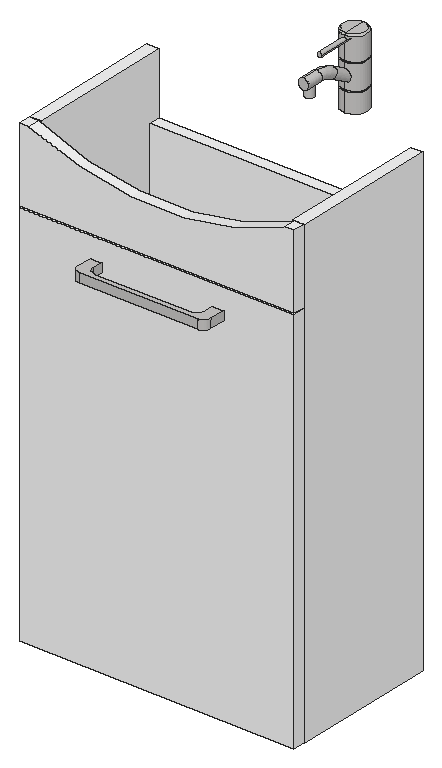
Revit family "42331 - Ifö Spira furniture pack 400 R", category Generic Models, Revit 2015
Parameters (values of type "42331 - Ifö Spira furniture pack 400 R")
  ifcExportType = "WASHHANDBASIN"
  ifcExportAs = "ifcSanitaryTerminalType"
  Width = 415.00 mm  # constant formula
  WarrantyStartDate = "n/a"
  WarrantyGuarantorParts = "n/a"
  WarrantyGuarantorLabor = "n/a"
  WarrantyDurationUnit = "n/a"
  WarrantyDurationParts = "n/a"
  WarrantyDurationLabor = "n/a"
  WarrantyDescription = "n/a"
  URL.se = "http://www.ifo.se/produkter/mobler/"
  URL.no = "http://www.ifosanitar.no/produkter/baderomsmbler/"
  URL.dk = "http://www.ifo.dk/produkter/badevrelsesmbler/"
  URL = "n/a"
  Type Comments = "n/a"
  Type = "Building element"
  TagNumber = "n/a"
  SustainabilityPerformance = "n/a"
  SupplyPipeDiameter = 10.00 mm
  Size = "415x700x310"
  Shape = "Square"
  Serie = "Spira"
  SerialNumber = "n/a"
  ReturnPipeDiameter = 32.00 mm
  ReplacementCost = "n/a"
  Panel = White
  OutputFileName = "42331 - Ifö Spira furniture pack 400 R"
  NominalWidth = 415.00 mm
  NominalHeight = 700.00 mm
  NominalDepth = 310.00 mm
  Name = "Ifö Spira furniture pack R 40 cm"
  MountingHeight(offset) = 850.00 mm
  ModelReference = "Spira"
  ModelNumber = "42331"
  Model = "Ifö Spira furniture pack 400 R"
  Mixernotincluded(option) = yes
  Material = "MDF Chipboard, Porcelain"
  Manufacturer = "Geberit"
  Keynote = "n/a"
  InstallationDate = "n/a"
  Height = 700.00 mm  # constant formula
  Handle = Metal-Steel
  Grade = "n/a"
  Fittings = Metal-Steel
  Finish = "n/a"
  Features = "feature1, feature2, feature50"
  ExpectedLife = "n/a"
  DurationUnit = "n/a"
  DrainSize = 0.00 mm
  Description = "Ifö Spira furniture pack R 40 cm"
  Depth = 310.00 mm  # constant formula
  Constituents = "n/a"
  ConnectorIn_VDistance = 0.00 mm
  ConnectorIn_HDistance = 120.00 mm
  Color = "White"
  CodePerformance = "n/a"
  Category = "WashHandBasin"
  CabinetMaterial = "MDF Chipboard"
  CE labeling = "n/a"
  Brand = "Ifö"
  BarCode = "n/a"
  BIMObjectName = "42331 - Ifö Spira furniture pack 400 R"
  AssetType = "n/a"
  AssetIdentifier = "n/a"
  AccessibilityPerformance = "n/a"
Reference planes
  plane 1 "Center (Front/Back)": y = 0
  plane 2: z = 0
  plane 3 "Center (Left/Right)": x = 0
  plane 4: z = 850
  plane 5: z = 684.702
  plane 6: x = -120
  plane 7: x = 120
  plane 8 "Drain": z = 721.104
  plane 9: z = 721.104
  plane 10: y = -148.025
Forms (mm)
  Extrusion 1, solid, material "White" <- "Panel"
    sketch origin (0, 0, 159.702) x (-1, 0, 0) y (0, -1, 0)
      loop
        line (-185, 0) -> (-169, 0) -> (-169, 198) -> (-185, 198) -> (-185, 0)
    from 0 to 625
  Extrusion 2, solid, material "White" <- "Panel"
    sketch origin (0, 0, 159.702) x (-1, 0, 0) y (0, -1, 0)
      loop
        line (169, 0) -> (185, 0) -> (185, 198) -> (169, 198) -> (169, 0)
    from 0 to 625
  Extrusion 3, solid, material "White" <- "Panel"
    sketch origin (0, 0, 159.702) x (-1, 0, 0) y (0, -1, 0)
      loop
        line (-169, 1) -> (169, 1) -> (169, 17) -> (-169, 17) -> (-169, 1)
    from 443 to 543
  Extrusion 4, solid, material "White" <- "Panel"
    sketch origin (0, 0, 159.702) x (-1, 0, 0) y (0, -1, 0)
      loop
        line (-184, 199) -> (184, 199) -> (184, 215) -> (-184, 215) -> (-184, 199)
    from 1 to 523
  Extrusion 5, solid, material "White" <- "Panel"
    sketch origin (0, 0, 159.702) x (-1, 0, 0) y (0, -1, 0)
      loop
        line (-169, 1) -> (169, 1) -> (169, 197) -> (-169, 197) -> (-169, 1)
    from 1 to 17
  Sweep 6, solid, material "Metal-Steel" <- "Handle"
    path origin (0, -215, 159.702) x (1, 0, 0) y (0, 0, -1)
      loop
        line (0, -495) -> (0, -483)
    profile origin (0, -215, 648.702) x (0, 1, 0) y (-1, 0, 0)
      loop
        line (0, -89.5) -> (0, -74.5) -> (-14, -74.5)
        arc (-14, -74.5) -> (-21.071, -71.571) -> (-24, -64.5) r 10
        line (-24, -64.5) -> (-24, 64.5)
        arc (-24, 64.5) -> (-21.071, 71.571) -> (-14, 74.5) r 10
        line (-14, 74.5) -> (0, 74.5) -> (0, 89.5) -> (-21, 89.5)
        arc (-21, 89.5) -> (-28.071, 86.571) -> (-31, 79.5) r 10
        line (-31, 79.5) -> (-31, -79.5)
        arc (-31, -79.5) -> (-28.071, -86.571) -> (-21, -89.5) r 10
        line (-21, -89.5) -> (0, -89.5)
  Revolve 7, solid, material "Metal-Steel" <- "Fittings"
    sketch origin (139.997, 6.957, 658.086) x (0, 1, 0) y (0, 0, -1)
      loop
        line (-81.936, -191.684) -> (-81.936, -217.057) -> (-79.936, -217.057) -> (-79.936, -219.557) -> (-81.936, -219.557) -> (-81.936, -252.057) -> (-79.936, -252.057) -> (-79.936, -254.557) -> (-81.936, -254.557) -> (-81.936, -284.557) -> (-79.789, -286.704) -> (-64.936, -286.704) -> (-64.936, -191.684) -> (-81.936, -191.684)
      axis (-64.936, -286.704) -> (-64.936, -191.684)
    angle from 0 to 360
  Sweep 8, solid, material "Metal-Steel" <- "Fittings"
    path origin (-45.003, 4.457, 648.086) x (0, 1, 0) y (0, 0, -1)
      loop
        line (-147.967, -265.803) -> (-125.897, -265.803)
        arc (-125.897, -265.803) -> (-113.378, -264.21) -> (-101.657, -259.534) r 50
        line (-101.657, -259.534) -> (-72.443, -243.34)
    profile origin (-45.003, -132.475, 913.889) x (0, 0, -1) y (-1, 0, 0)
      loop
        circle (0, -185) r 7
  Extrusion 9, solid, material "Metal-Steel" <- "Fittings"
    sketch origin (139.997, 6.957, 658.086) x (-1, 0, 0) y (0, 0, -1)
      loop
        circle (0, -279.191) r 3
    from 74.245 to 123.053
  Extrusion 10, solid, material "Metal-Steel" <- "Fittings"
    sketch origin (-34.138, -139.623, 384.77) x (-0.601815, -0.798636, 0) y (0.798636, -0.601815, 0)
      loop
        circle (-109.679, 135.391) r 6.014
    from 527.873 to 511.219
  Extrusion 11, solid, material "White" <- "Panel"
    sketch origin (0, -215, 159.702) x (1, 0, 0) y (0, 0, -1)
      loop
        line (-184, -525) -> (-184, -625) -> (-171.95, -625)
        arc (-171.95, -625) -> (0, -586.37) -> (171.95, -625) r 402.007
        line (171.95, -625) -> (184, -625) -> (184, -525) -> (-184, -525)
    from 0 to 16
  Revolve 12, solid, material "Metal-Steel" <- "Fittings", not visible
    sketch origin (139.997, 6.957, 498.384) x (0, 1, 0) y (0, 0, -1)
      loop
        line (-81.936, -191.684) -> (-81.936, -217.057) -> (-79.936, -217.057) -> (-79.936, -219.557) -> (-81.936, -219.557) -> (-81.936, -252.057) -> (-79.936, -252.057) -> (-79.936, -254.557) -> (-81.936, -254.557) -> (-81.936, -284.557) -> (-79.789, -286.704) -> (-64.936, -286.704) -> (-64.936, -191.684) -> (-81.936, -191.684)
      axis (-64.936, -286.704) -> (-64.936, -191.684)
    angle from 0 to 360
  Sweep 13, solid, material "Metal-Steel" <- "Fittings", not visible
    path origin (-45.003, 4.457, 488.384) x (0, 1, 0) y (0, 0, -1)
      loop
        line (-147.967, -265.803) -> (-125.897, -265.803)
        arc (-125.897, -265.803) -> (-113.378, -264.21) -> (-101.657, -259.534) r 50
        line (-101.657, -259.534) -> (-72.443, -243.34)
    profile origin (-45.003, -132.475, 754.187) x (0, 0, -1) y (-1, 0, 0)
      loop
        circle (0, -185) r 7
  Extrusion 14, solid, material "Metal-Steel" <- "Fittings", not visible
    sketch origin (139.997, 6.957, 498.384) x (-1, 0, 0) y (0, 0, -1)
      loop
        circle (0, -279.191) r 3
    from 74.245 to 123.053
  Extrusion 15, solid, material "Metal-Steel" <- "Fittings", not visible
    sketch origin (-34.138, -139.623, 225.068) x (-0.601815, -0.798636, 0) y (0.798636, -0.601815, 0)
      loop
        circle (-109.679, 135.391) r 6.014
    from 527.873 to 511.219
  Extrusion 16, solid, material "White" <- "Panel", not visible
    sketch origin (0, 0, 0) x (-1, 0, 0) y (0, -1, 0)
      loop
        line (-185, 0) -> (-169, 0) -> (-169, 198) -> (-185, 198) -> (-185, 0)
    from 0 to 625
  Extrusion 17, solid, material "White" <- "Panel", not visible
    sketch origin (0, 0, 0) x (-1, 0, 0) y (0, -1, 0)
      loop
        line (169, 0) -> (185, 0) -> (185, 198) -> (169, 198) -> (169, 0)
    from 0 to 625
  Extrusion 18, solid, material "White" <- "Panel", not visible
    sketch origin (0, 0, 0) x (-1, 0, 0) y (0, -1, 0)
      loop
        line (-169, 1) -> (169, 1) -> (169, 17) -> (-169, 17) -> (-169, 1)
    from 443 to 543
  Extrusion 19, solid, material "White" <- "Panel", not visible
    sketch origin (0, 0, 0) x (-1, 0, 0) y (0, -1, 0)
      loop
        line (-184, 199) -> (184, 199) -> (184, 215) -> (-184, 215) -> (-184, 199)
    from 1 to 523
  Extrusion 20, solid, material "White" <- "Panel", not visible
    sketch origin (0, 0, 0) x (-1, 0, 0) y (0, -1, 0)
      loop
        line (-169, 1) -> (169, 1) -> (169, 197) -> (-169, 197) -> (-169, 1)
    from 1 to 17
  Sweep 21, solid, material "Metal-Steel" <- "Handle", not visible
    path origin (0, -215, 0) x (1, 0, 0) y (0, 0, -1)
      loop
        line (0, -495) -> (0, -483)
    profile origin (0, -215, 489) x (0, 1, 0) y (-1, 0, 0)
      loop
        line (0, -89.5) -> (0, -74.5) -> (-14, -74.5)
        arc (-14, -74.5) -> (-21.071, -71.571) -> (-24, -64.5) r 10
        line (-24, -64.5) -> (-24, 64.5)
        arc (-24, 64.5) -> (-21.071, 71.571) -> (-14, 74.5) r 10
        line (-14, 74.5) -> (0, 74.5) -> (0, 89.5) -> (-21, 89.5)
        arc (-21, 89.5) -> (-28.071, 86.571) -> (-31, 79.5) r 10
        line (-31, 79.5) -> (-31, -79.5)
        arc (-31, -79.5) -> (-28.071, -86.571) -> (-21, -89.5) r 10
        line (-21, -89.5) -> (0, -89.5)
  Extrusion 22, solid, material "White" <- "Panel", not visible
    sketch origin (0, -215, 0) x (1, 0, 0) y (0, 0, -1)
      loop
        line (-184, -525) -> (-184, -625) -> (-171.95, -625)
        arc (-171.95, -625) -> (0, -586.37) -> (171.95, -625) r 402.007
        line (171.95, -625) -> (184, -625) -> (184, -525) -> (-184, -525)
    from 0 to 16
Lines and regions (mm)
  Masking region 1
    outline origin (0, -153.934, 187.048) x (0, 1, 0) y (0, 0, 1)
      loop
        line (110.808, 757.743) -> (81.102, 757.743) -> (78.955, 755.596) -> (78.955, 753.229) -> (37.838, 753.229) -> (37.838, 747.229) -> (78.955, 747.229) -> (78.955, 725.596) -> (80.955, 725.596) -> (80.955, 723.096) -> (78.955, 723.096) -> (78.955, 716.259) -> (60.288, 726.606)
        arc (60.288, 726.606) -> (46.759, 732.003) -> (32.31, 733.842) r 57.711
        line (32.31, 733.842) -> (10.424, 733.842) -> (10.424, 719.842) -> (14.41, 719.842) -> (14.41, 708.941) -> (26.439, 708.941) -> (26.439, 719.842) -> (32.31, 719.842)
        arc (32.31, 719.842) -> (43.254, 718.449) -> (53.501, 714.361) r 43.711
        line (53.501, 714.361) -> (78.955, 700.252) -> (78.955, 690.596) -> (80.955, 690.596) -> (80.955, 688.096) -> (78.955, 688.096) -> (78.955, 662.846) -> (112.955, 662.846) -> (112.955, 688.096) -> (110.955, 688.096) -> (110.955, 690.596) -> (112.955, 690.596) -> (112.955, 723.096) -> (110.955, 723.096) -> (110.955, 725.596) -> (112.955, 725.596) -> (112.955, 755.596) -> (110.808, 757.743)
  Masking region 2
    outline origin (0, 0, 159.722) x (0, 1, 0) y (0, 0, 1)
      loop
        line (-215, 483) -> (-215, 495) -> (-246.003, 491.5) -> (-246.003, 486.5) -> (-215, 483)
  Masking region 3
    outline origin (0, 0, 159.722) x (0, 1, 0) y (0, 0, 1)
      loop
        line (-215, 523) -> (-215, 1) -> (-199, 1) -> (-199, 523) -> (-215, 523)
  Masking region 4
    outline origin (0, 0, 159.722) x (0, 1, 0) y (0, 0, 1)
      loop
        line (-215, 525) -> (-199, 525) -> (-199, 620.693) -> (-203.875, 620.693)
        arc (-203.875, 620.693) -> (-209.439, 620.643) -> (-215, 620.493) r 309.497
        line (-215, 620.493) -> (-215, 525)
  Masking region 5
    outline origin (0, 0, 159.702) x (0, 1, 0) y (0, 0, 1)
      loop
        line (0, 0) -> (0, 620.713) -> (-198, 620.713) -> (-198, 0) -> (0, 0)
  Masking region 6
    outline origin (0, 0, 159.702) x (0, 1, 0) y (0, 0, 1)
      loop
        arc (-215, 620.513) -> (-209.439, 620.663) -> (-203.875, 620.713) r 309.497
        line (-203.875, 620.713) -> (-2.064, 620.713)
        arc (-2.064, 620.713) -> (-1.293, 622.182) -> (-0.723, 623.74) r 12.484
        arc (-0.723, 623.74) -> (-0.568, 624.365) -> (-0.463, 625) r 7.979
        arc (-0.463, 625) -> (-0.131, 628.57) -> (-0.011, 632.153) r 60.304
        arc (-0.011, 632.153) -> (-0.003, 635.247) -> (0, 638.34) r 1690.99
        line (0, 638.34) -> (0, 683.9)
        arc (0, 683.9) -> (-0.076, 689.25) -> (-0.305, 694.596) r 187.785
        arc (-0.305, 694.596) -> (-0.451, 695.943) -> (-0.734, 697.268) r 13.258
        arc (-0.734, 697.268) -> (-1.079, 698.192) -> (-1.595, 699.033) r 5.14
        arc (-1.595, 699.033) -> (-2.018, 699.483) -> (-2.528, 699.83) r 2.835
        arc (-2.528, 699.83) -> (-3.143, 700.128) -> (-3.78, 700.377) r 8.92
        arc (-3.78, 700.377) -> (-4.422, 700.547) -> (-5.083, 700.616) r 4.316
        arc (-5.083, 700.616) -> (-5.709, 700.626) -> (-6.335, 700.619) r 25.384
        arc (-6.335, 700.619) -> (-6.984, 700.561) -> (-7.618, 700.415) r 4.796
        arc (-7.618, 700.415) -> (-8.183, 700.231) -> (-8.741, 700.024) r 14.357
        arc (-8.741, 700.024) -> (-9.361, 699.762) -> (-9.969, 699.471) r 14.357
        arc (-9.969, 699.471) -> (-10.689, 699.118) -> (-11.42, 698.786) r 27.064
        arc (-11.42, 698.786) -> (-11.935, 698.552) -> (-12.443, 698.303) r 18.839
        line (-12.443, 698.303) -> (-22.583, 695.433) -> (-25.641, 694.968) -> (-36.813, 693.944) -> (-40.979, 693.708) -> (-40.979, 690.192) -> (-74.979, 690.192) -> (-74.979, 691.968) -> (-76.441, 691.891)
        arc (-76.441, 691.891) -> (-81.148, 691.652) -> (-85.854, 691.426) r 1591.685
        arc (-85.854, 691.426) -> (-89.665, 691.164) -> (-93.46, 690.734) r 86.164
        arc (-93.46, 690.734) -> (-94.673, 690.595) -> (-95.891, 690.507) r 29.052
        arc (-95.891, 690.507) -> (-106.191, 690.192) -> (-116.495, 690.298) r 252.148
        line (-116.495, 690.298) -> (-308.998, 690.298)
        arc (-308.998, 690.298) -> (-310.616, 690.281) -> (-312.233, 690.23) r 77.484
        arc (-312.233, 690.23) -> (-312.777, 690.19) -> (-313.318, 690.116) r 8.7
        arc (-313.318, 690.116) -> (-314.037, 689.935) -> (-314.719, 689.644) r 4.696
        arc (-314.719, 689.644) -> (-315.324, 689.289) -> (-315.894, 688.881) r 7.569
        arc (-315.894, 688.881) -> (-316.198, 688.597) -> (-316.453, 688.269) r 2.58
        arc (-316.453, 688.269) -> (-316.742, 687.753) -> (-316.955, 687.201) r 4.22
        arc (-316.955, 687.201) -> (-317.148, 686.321) -> (-317.195, 685.421) r 5.465
        arc (-317.195, 685.421) -> (-317.133, 683.587) -> (-317.061, 681.754) r 357.435
        arc (-317.061, 681.754) -> (-316.947, 680.252) -> (-316.73, 678.761) r 21.965
        arc (-316.73, 678.761) -> (-313.592, 666.215) -> (-308.82, 654.194) r 97.423
        arc (-308.82, 654.194) -> (-306.909, 650.169) -> (-305.007, 646.141) r 2002.506
        arc (-305.007, 646.141) -> (-302.895, 642.144) -> (-300.425, 638.358) r 49.027
        arc (-300.425, 638.358) -> (-296.207, 632.599) -> (-291.902, 626.906) r 463.948
        arc (-291.902, 626.906) -> (-287.571, 621.783) -> (-282.782, 617.086) r 71.906
        arc (-282.782, 617.086) -> (-279.656, 614.275) -> (-276.55, 611.441) r 593.245
        arc (-276.55, 611.441) -> (-273.686, 608.954) -> (-270.688, 606.632) r 67.489
        arc (-270.688, 606.632) -> (-267.418, 604.186) -> (-264.207, 601.665) r 176.092
        arc (-264.207, 601.665) -> (-260.062, 598.502) -> (-255.762, 595.552) r 103.144
        arc (-255.762, 595.552) -> (-251.814, 592.894) -> (-247.955, 590.107) r 144.464
        arc (-247.955, 590.107) -> (-246.38, 589.008) -> (-244.737, 588.014) r 29.404
        arc (-244.737, 588.014) -> (-242.383, 586.572) -> (-240.147, 584.954) r 36
        arc (-240.147, 584.954) -> (-239.077, 584.175) -> (-237.955, 583.474) r 18.656
        arc (-237.955, 583.474) -> (-226.37, 576.562) -> (-215, 569.301) r 444.678
        line (-215, 569.301) -> (-215, 620.513)
  Masking region 7
    outline origin (0, 0, 159.702) x (1, 0, 0) y (0, 0, 1)
      loop
        line (-184, 523) -> (-184, 1) -> (184, 1) -> (184, 523) -> (-184, 523)
  Masking region 8
    outline origin (224.008, -215, 159.79) x (-1, 0, 0) y (0, 0, -1)
      loop
        line (67.011, -715.353) -> (69.011, -715.353) -> (69.011, -717.853) -> (67.011, -717.853) -> (67.011, -750.353) -> (69.011, -750.353) -> (69.011, -752.853) -> (67.011, -752.853) -> (67.011, -782.853) -> (69.158, -785) -> (98.865, -785) -> (101.011, -782.853) -> (101.011, -752.853) -> (99.011, -752.853) -> (99.011, -750.353) -> (101.011, -750.353) -> (101.011, -717.853) -> (99.011, -717.853) -> (99.011, -715.353) -> (101.011, -715.353) -> (101.011, -692.244)
        arc (101.011, -692.244) -> (84.01, -691.5) -> (67.011, -692.297) r 188.092
        line (67.011, -692.297) -> (67.011, -715.353)
  Masking region 9
    outline origin (0, 0, 159.702) x (1, 0, 0) y (0, 0, 1)
      loop
        line (185, 615.237) -> (188.557, 616.441)
        arc (188.557, 616.441) -> (190.627, 617.19) -> (192.664, 618.023) r 53.278
        arc (192.664, 618.023) -> (193.832, 618.594) -> (194.942, 619.269) r 14.18
        line (194.942, 619.269) -> (197.104, 620.724) -> (200.483, 620.724)
        arc (200.483, 620.724) -> (201.64, 621.454) -> (202.754, 622.249) r 23.717
        arc (202.754, 622.249) -> (203.455, 622.896) -> (204.021, 623.665) r 4.983
        arc (204.021, 623.665) -> (205.073, 625.883) -> (205.686, 628.26) r 12.915
        arc (205.686, 628.26) -> (205.976, 630.72) -> (206.066, 633.195) r 30.678
        line (206.066, 633.195) -> (206.066, 637.707)
        arc (206.066, 637.707) -> (206.143, 643.855) -> (206.376, 649.999) r 243.368
        arc (206.376, 649.999) -> (206.652, 656.059) -> (206.867, 662.122) r 603.25
        arc (206.867, 662.122) -> (207.246, 673.519) -> (207.689, 684.913) r 2032.39
        arc (207.689, 684.913) -> (207.753, 686.917) -> (207.743, 688.921) r 54.03
        arc (207.743, 688.921) -> (207.672, 689.37) -> (207.485, 689.784) r 1.703
        arc (207.485, 689.784) -> (207.289, 690.144) -> (207.138, 690.525) r 3.367
        arc (207.138, 690.525) -> (206.582, 691.933) -> (205.856, 693.261) r 12.267
        arc (205.856, 693.261) -> (205.454, 693.824) -> (204.99, 694.336) r 5.941
        arc (204.99, 694.336) -> (204.383, 694.857) -> (203.711, 695.291) r 5.941
        arc (203.711, 695.291) -> (202.139, 696.032) -> (200.482, 696.556) r 13.052
        arc (200.482, 696.556) -> (197.89, 697.118) -> (195.271, 697.538) r 49.159
        arc (195.271, 697.538) -> (190.164, 698.075) -> (185.036, 698.331) r 93.498
        arc (185.036, 698.331) -> (178.383, 698.506) -> (171.732, 698.73) r 882.529
        arc (171.732, 698.73) -> (164.365, 698.989) -> (156.997, 699.214) r 1580.484
        line (156.997, 699.214) -> (156.997, 692.385)
        arc (156.997, 692.385) -> (139.998, 691.588) -> (122.997, 692.331) r 188.092
        line (122.997, 692.331) -> (122.997, 699.806)
        arc (122.997, 699.806) -> (120.494, 699.821) -> (117.991, 699.831) r 1580.484
        arc (117.991, 699.831) -> (85.898, 700.02) -> (53.807, 700.363) r 6689.418
        arc (53.807, 700.363) -> (26.904, 700.627) -> (0, 700.715) r 4113.311
        arc (0, 700.715) -> (-26.904, 700.627) -> (-53.807, 700.363) r 4113.311
        arc (-53.807, 700.363) -> (-85.898, 700.02) -> (-117.991, 699.831) r 6689.418
        arc (-117.991, 699.831) -> (-120.494, 699.821) -> (-122.997, 699.806) r 1580.484
        arc (-122.997, 699.806) -> (-139.998, 699.602) -> (-156.997, 699.214) r 1580.484
        arc (-156.997, 699.214) -> (-164.365, 698.989) -> (-171.732, 698.73) r 1580.484
        arc (-171.732, 698.73) -> (-178.383, 698.506) -> (-185.036, 698.331) r 882.529
        arc (-185.036, 698.331) -> (-190.164, 698.075) -> (-195.271, 697.538) r 93.498
        arc (-195.271, 697.538) -> (-197.89, 697.118) -> (-200.482, 696.556) r 49.159
        arc (-200.482, 696.556) -> (-202.139, 696.032) -> (-203.711, 695.291) r 13.052
        arc (-203.711, 695.291) -> (-204.383, 694.857) -> (-204.99, 694.336) r 5.941
        arc (-204.99, 694.336) -> (-205.454, 693.824) -> (-205.856, 693.261) r 5.941
        arc (-205.856, 693.261) -> (-206.582, 691.933) -> (-207.138, 690.525) r 12.267
        arc (-207.138, 690.525) -> (-207.289, 690.144) -> (-207.485, 689.784) r 3.367
        arc (-207.485, 689.784) -> (-207.672, 689.37) -> (-207.743, 688.921) r 1.703
        arc (-207.743, 688.921) -> (-207.753, 686.917) -> (-207.689, 684.913) r 54.03
        arc (-207.689, 684.913) -> (-207.246, 673.519) -> (-206.867, 662.122) r 2032.39
        arc (-206.867, 662.122) -> (-206.652, 656.059) -> (-206.376, 649.999) r 603.25
        arc (-206.376, 649.999) -> (-206.143, 643.855) -> (-206.066, 637.707) r 243.368
        line (-206.066, 637.707) -> (-206.066, 633.195)
        arc (-206.066, 633.195) -> (-205.976, 630.72) -> (-205.686, 628.26) r 30.678
        arc (-205.686, 628.26) -> (-205.073, 625.883) -> (-204.021, 623.665) r 12.915
        arc (-204.021, 623.665) -> (-203.455, 622.896) -> (-202.754, 622.249) r 4.983
        arc (-202.754, 622.249) -> (-201.64, 621.454) -> (-200.483, 620.724) r 23.717
        line (-200.483, 620.724) -> (-197.104, 620.724) -> (-194.942, 619.269)
        arc (-194.942, 619.269) -> (-193.832, 618.594) -> (-192.664, 618.023) r 14.18
        arc (-192.664, 618.023) -> (-190.627, 617.19) -> (-188.557, 616.441) r 53.278
        line (-188.557, 616.441) -> (-185, 615.237)
        arc (-185, 615.237) -> (-184.5, 615.077) -> (-184, 614.917) r 692.909
        line (-184, 614.917) -> (-184, 525) -> (184, 525) -> (184, 614.917)
        arc (184, 614.917) -> (184.5, 615.077) -> (185, 615.237) r 692.909
  Masking region 10
    outline origin (0, 0, 0) x (-1, 0, 0) y (0, -1, 0)
      loop
        arc (-207.386, 26.199) -> (-207.28, 22.983) -> (-207.093, 19.771) r 127.96
        arc (-207.093, 19.771) -> (-206.656, 16.121) -> (-206.093, 12.489) r 106.18
        arc (-206.093, 12.489) -> (-205.455, 10.002) -> (-204.427, 7.65) r 16.004
        arc (-204.427, 7.65) -> (-203.234, 5.839) -> (-201.736, 4.272) r 12.025
        arc (-201.736, 4.272) -> (-198.903, 2.391) -> (-195.678, 1.31) r 12.981
        line (-195.678, 1.31) -> (-191.742, 0.545)
        arc (-191.742, 0.545) -> (-186.546, 0.136) -> (-181.336, 0) r 99.556
        line (-181.336, 0) -> (181.336, 0)
        arc (181.336, 0) -> (186.546, 0.136) -> (191.742, 0.545) r 99.556
        line (191.742, 0.545) -> (195.678, 1.31)
        arc (195.678, 1.31) -> (198.903, 2.391) -> (201.736, 4.272) r 12.981
        arc (201.736, 4.272) -> (203.234, 5.839) -> (204.427, 7.65) r 12.025
        arc (204.427, 7.65) -> (205.455, 10.002) -> (206.093, 12.489) r 16.004
        arc (206.093, 12.489) -> (206.656, 16.121) -> (207.093, 19.771) r 106.18
        arc (207.093, 19.771) -> (207.28, 22.983) -> (207.386, 26.199) r 127.96
      loop
        arc (-207.459, 26.141) -> (-207.735, 35.686) -> (-207.686, 45.235) r 280.857
        line (-207.686, 45.235) -> (-206.854, 93.348)
        arc (-206.854, 93.348) -> (-205.272, 168.688) -> (-202.212, 243.982) r 3838.369
        arc (-202.212, 243.982) -> (-202.144, 246.423) -> (-202.042, 248.863) r 175.088
        arc (-202.042, 248.863) -> (-201.918, 251.838) -> (-201.839, 254.814) r 199.596
        arc (-201.839, 254.814) -> (-201.794, 256.179) -> (-201.711, 257.543) r 48.818
        arc (-201.711, 257.543) -> (-201.32, 263.023) -> (-200.97, 268.505) r 723.287
        arc (-200.97, 268.505) -> (-199.992, 275.439) -> (-197.919, 282.128) r 43.678
        arc (-197.919, 282.128) -> (-196.227, 285.646) -> (-194.076, 288.906) r 28.953
        arc (-194.076, 288.906) -> (-188.897, 294.157) -> (-182.559, 297.929) r 28.953
        arc (-182.559, 297.929) -> (-169.187, 302.678) -> (-155.294, 305.571) r 104.514
        arc (-155.294, 305.571) -> (-139.143, 307.749) -> (-122.977, 309.816) r 2396.538
        arc (-122.977, 309.816) -> (-109.368, 311.39) -> (-95.733, 312.726) r 787.44
        arc (-95.733, 312.726) -> (-81.421, 313.989) -> (-67.107, 315.223) r 7122.39
        arc (-67.107, 315.223) -> (-51.104, 316.098) -> (-35.087, 316.647) r 786.226
        arc (-35.087, 316.647) -> (-17.545, 316.995) -> (0, 317.195) r 2082.927
        arc (0, 317.195) -> (17.545, 316.995) -> (35.087, 316.647) r 2082.927
        arc (35.087, 316.647) -> (51.104, 316.098) -> (67.107, 315.223) r 786.226
        arc (67.107, 315.223) -> (81.421, 313.989) -> (95.733, 312.726) r 7122.39
        arc (95.733, 312.726) -> (109.368, 311.39) -> (122.977, 309.816) r 787.44
        arc (122.977, 309.816) -> (139.143, 307.749) -> (155.294, 305.571) r 2396.538
        arc (155.294, 305.571) -> (169.187, 302.678) -> (182.559, 297.929) r 104.514
        arc (182.559, 297.929) -> (188.897, 294.157) -> (194.076, 288.906) r 28.953
        arc (194.076, 288.906) -> (196.227, 285.646) -> (197.919, 282.128) r 28.953
        arc (197.919, 282.128) -> (199.992, 275.439) -> (200.97, 268.505) r 43.678
        arc (200.97, 268.505) -> (201.32, 263.023) -> (201.711, 257.543) r 723.287
        arc (201.711, 257.543) -> (201.794, 256.179) -> (201.839, 254.814) r 48.818
        arc (201.839, 254.814) -> (201.918, 251.838) -> (202.042, 248.863) r 199.596
        arc (202.042, 248.863) -> (202.144, 246.423) -> (202.212, 243.982) r 175.088
        arc (202.212, 243.982) -> (205.272, 168.688) -> (206.854, 93.348) r 3838.369
        line (206.854, 93.348) -> (207.686, 45.235)
        arc (207.686, 45.235) -> (207.735, 35.686) -> (207.459, 26.141) r 280.857
  Masking region 11, not visible
    outline origin (0, -153.934, 27.346) x (0, 1, 0) y (0, 0, 1)
      loop
        line (110.808, 757.743) -> (81.102, 757.743) -> (78.955, 755.596) -> (78.955, 753.229) -> (37.838, 753.229) -> (37.838, 747.229) -> (78.955, 747.229) -> (78.955, 725.596) -> (80.955, 725.596) -> (80.955, 723.096) -> (78.955, 723.096) -> (78.955, 716.259) -> (60.288, 726.606)
        arc (60.288, 726.606) -> (46.759, 732.003) -> (32.31, 733.842) r 57.711
        line (32.31, 733.842) -> (10.424, 733.842) -> (10.424, 719.842) -> (14.41, 719.842) -> (14.41, 708.941) -> (26.439, 708.941) -> (26.439, 719.842) -> (32.31, 719.842)
        arc (32.31, 719.842) -> (43.254, 718.449) -> (53.501, 714.361) r 43.711
        line (53.501, 714.361) -> (78.955, 700.252) -> (78.955, 690.596) -> (80.955, 690.596) -> (80.955, 688.096) -> (78.955, 688.096) -> (78.955, 662.846) -> (112.955, 662.846) -> (112.955, 688.096) -> (110.955, 688.096) -> (110.955, 690.596) -> (112.955, 690.596) -> (112.955, 723.096) -> (110.955, 723.096) -> (110.955, 725.596) -> (112.955, 725.596) -> (112.955, 755.596) -> (110.808, 757.743)
  Masking region 12, not visible
    outline origin (0, 0, 0.02) x (0, 1, 0) y (0, 0, 1)
      loop
        line (-215, 483) -> (-215, 495) -> (-246.003, 491.5) -> (-246.003, 486.5) -> (-215, 483)
  Masking region 13, not visible
    outline origin (0, 0, 0.02) x (0, 1, 0) y (0, 0, 1)
      loop
        line (-215, 523) -> (-215, 1) -> (-199, 1) -> (-199, 523) -> (-215, 523)
  Masking region 14, not visible
    outline origin (0, 0, 0.02) x (0, 1, 0) y (0, 0, 1)
      loop
        line (-215, 525) -> (-199, 525) -> (-199, 620.693) -> (-203.875, 620.693)
        arc (-203.875, 620.693) -> (-209.439, 620.643) -> (-215, 620.493) r 309.497
        line (-215, 620.493) -> (-215, 525)
  Masking region 15, not visible
    outline origin (0, 0, 0) x (0, 1, 0) y (0, 0, 1)
      loop
        line (0, 0) -> (0, 620.713) -> (-198, 620.713) -> (-198, 0) -> (0, 0)
  Masking region 16, not visible
    outline origin (0, 0, 0) x (0, 1, 0) y (0, 0, 1)
      loop
        arc (-215, 620.513) -> (-209.439, 620.663) -> (-203.875, 620.713) r 309.497
        line (-203.875, 620.713) -> (-2.064, 620.713)
        arc (-2.064, 620.713) -> (-1.293, 622.182) -> (-0.723, 623.74) r 12.484
        arc (-0.723, 623.74) -> (-0.568, 624.365) -> (-0.463, 625) r 7.979
        arc (-0.463, 625) -> (-0.131, 628.57) -> (-0.011, 632.153) r 60.304
        arc (-0.011, 632.153) -> (-0.003, 635.247) -> (0, 638.34) r 1690.99
        line (0, 638.34) -> (0, 683.9)
        arc (0, 683.9) -> (-0.076, 689.25) -> (-0.305, 694.596) r 187.785
        arc (-0.305, 694.596) -> (-0.451, 695.943) -> (-0.734, 697.268) r 13.258
        arc (-0.734, 697.268) -> (-1.079, 698.192) -> (-1.595, 699.033) r 5.14
        arc (-1.595, 699.033) -> (-2.018, 699.483) -> (-2.528, 699.83) r 2.835
        arc (-2.528, 699.83) -> (-3.143, 700.128) -> (-3.78, 700.377) r 8.92
        arc (-3.78, 700.377) -> (-4.422, 700.547) -> (-5.083, 700.616) r 4.316
        arc (-5.083, 700.616) -> (-5.709, 700.626) -> (-6.335, 700.619) r 25.384
        arc (-6.335, 700.619) -> (-6.984, 700.561) -> (-7.618, 700.415) r 4.796
        arc (-7.618, 700.415) -> (-8.183, 700.231) -> (-8.741, 700.024) r 14.357
        arc (-8.741, 700.024) -> (-9.361, 699.762) -> (-9.969, 699.471) r 14.357
        arc (-9.969, 699.471) -> (-10.689, 699.118) -> (-11.42, 698.786) r 27.064
        arc (-11.42, 698.786) -> (-11.935, 698.552) -> (-12.443, 698.303) r 18.839
        line (-12.443, 698.303) -> (-22.583, 695.433) -> (-25.641, 694.968) -> (-36.813, 693.944) -> (-40.979, 693.708) -> (-40.979, 690.192) -> (-74.979, 690.192) -> (-74.979, 691.968) -> (-76.441, 691.891)
        arc (-76.441, 691.891) -> (-81.148, 691.652) -> (-85.854, 691.426) r 1591.685
        arc (-85.854, 691.426) -> (-89.665, 691.164) -> (-93.46, 690.734) r 86.164
        arc (-93.46, 690.734) -> (-94.673, 690.595) -> (-95.891, 690.507) r 29.052
        arc (-95.891, 690.507) -> (-106.191, 690.192) -> (-116.495, 690.298) r 252.148
        line (-116.495, 690.298) -> (-308.998, 690.298)
        arc (-308.998, 690.298) -> (-310.616, 690.281) -> (-312.233, 690.23) r 77.484
        arc (-312.233, 690.23) -> (-312.777, 690.19) -> (-313.318, 690.116) r 8.7
        arc (-313.318, 690.116) -> (-314.037, 689.935) -> (-314.719, 689.644) r 4.696
        arc (-314.719, 689.644) -> (-315.324, 689.289) -> (-315.894, 688.881) r 7.569
        arc (-315.894, 688.881) -> (-316.198, 688.597) -> (-316.453, 688.269) r 2.58
        arc (-316.453, 688.269) -> (-316.742, 687.753) -> (-316.955, 687.201) r 4.22
        arc (-316.955, 687.201) -> (-317.148, 686.321) -> (-317.195, 685.421) r 5.465
        arc (-317.195, 685.421) -> (-317.133, 683.587) -> (-317.061, 681.754) r 357.435
        arc (-317.061, 681.754) -> (-316.947, 680.252) -> (-316.73, 678.761) r 21.965
        arc (-316.73, 678.761) -> (-313.592, 666.215) -> (-308.82, 654.194) r 97.423
        arc (-308.82, 654.194) -> (-306.909, 650.169) -> (-305.007, 646.141) r 2002.506
        arc (-305.007, 646.141) -> (-302.895, 642.144) -> (-300.425, 638.358) r 49.027
        arc (-300.425, 638.358) -> (-296.207, 632.599) -> (-291.902, 626.906) r 463.948
        arc (-291.902, 626.906) -> (-287.571, 621.783) -> (-282.782, 617.086) r 71.906
        arc (-282.782, 617.086) -> (-279.656, 614.275) -> (-276.55, 611.441) r 593.245
        arc (-276.55, 611.441) -> (-273.686, 608.954) -> (-270.688, 606.632) r 67.489
        arc (-270.688, 606.632) -> (-267.418, 604.186) -> (-264.207, 601.665) r 176.092
        arc (-264.207, 601.665) -> (-260.062, 598.502) -> (-255.762, 595.552) r 103.144
        arc (-255.762, 595.552) -> (-251.814, 592.894) -> (-247.955, 590.107) r 144.464
        arc (-247.955, 590.107) -> (-246.38, 589.008) -> (-244.737, 588.014) r 29.404
        arc (-244.737, 588.014) -> (-242.383, 586.572) -> (-240.147, 584.954) r 36
        arc (-240.147, 584.954) -> (-239.077, 584.175) -> (-237.955, 583.474) r 18.656
        arc (-237.955, 583.474) -> (-226.37, 576.562) -> (-215, 569.301) r 444.678
        line (-215, 569.301) -> (-215, 620.513)
  Masking region 17
    outline origin (0, 0, 159.702) x (1, 0, 0) y (0, 0, 1)
      loop
        line (184, 525) -> (-184, 525) -> (-184, 614.917)
        arc (-184, 614.917) -> (-184.5, 615.077) -> (-185, 615.237) r 692.909
        line (-185, 615.237) -> (-185, 0) -> (-169, 0) -> (-169, 1) -> (-184, 1) -> (-184, 523) -> (184, 523) -> (184, 1) -> (169, 1) -> (169, 0) -> (185, 0) -> (185, 615.237)
        arc (185, 615.237) -> (184.5, 615.077) -> (184, 614.917) r 692.909
        line (184, 614.917) -> (184, 525)
  Masking region 18, not visible
    outline origin (0, 0, 0) x (1, 0, 0) y (0, 0, 1)
      loop
        line (-184, 523) -> (-184, 1) -> (184, 1) -> (184, 523) -> (-184, 523)
  Masking region 19, not visible
    outline origin (224.008, -215, 0.088) x (-1, 0, 0) y (0, 0, -1)
      loop
        line (67.011, -715.353) -> (69.011, -715.353) -> (69.011, -717.853) -> (67.011, -717.853) -> (67.011, -750.353) -> (69.011, -750.353) -> (69.011, -752.853) -> (67.011, -752.853) -> (67.011, -782.853) -> (69.158, -785) -> (98.865, -785) -> (101.011, -782.853) -> (101.011, -752.853) -> (99.011, -752.853) -> (99.011, -750.353) -> (101.011, -750.353) -> (101.011, -717.853) -> (99.011, -717.853) -> (99.011, -715.353) -> (101.011, -715.353) -> (101.011, -692.244)
        arc (101.011, -692.244) -> (84.01, -691.5) -> (67.011, -692.297) r 188.092
        line (67.011, -692.297) -> (67.011, -715.353)
  Masking region 20, not visible
    outline origin (0, 0, 0) x (1, 0, 0) y (0, 0, 1)
      loop
        line (185, 615.237) -> (188.557, 616.441)
        arc (188.557, 616.441) -> (190.627, 617.19) -> (192.664, 618.023) r 53.278
        arc (192.664, 618.023) -> (193.832, 618.594) -> (194.942, 619.269) r 14.18
        line (194.942, 619.269) -> (197.104, 620.724) -> (200.483, 620.724)
        arc (200.483, 620.724) -> (201.64, 621.454) -> (202.754, 622.249) r 23.717
        arc (202.754, 622.249) -> (203.455, 622.896) -> (204.021, 623.665) r 4.983
        arc (204.021, 623.665) -> (205.073, 625.883) -> (205.686, 628.26) r 12.915
        arc (205.686, 628.26) -> (205.976, 630.72) -> (206.066, 633.195) r 30.678
        line (206.066, 633.195) -> (206.066, 637.707)
        arc (206.066, 637.707) -> (206.143, 643.855) -> (206.376, 649.999) r 243.368
        arc (206.376, 649.999) -> (206.652, 656.059) -> (206.867, 662.122) r 603.25
        arc (206.867, 662.122) -> (207.246, 673.519) -> (207.689, 684.913) r 2032.39
        arc (207.689, 684.913) -> (207.753, 686.917) -> (207.743, 688.921) r 54.03
        arc (207.743, 688.921) -> (207.672, 689.37) -> (207.485, 689.784) r 1.703
        arc (207.485, 689.784) -> (207.289, 690.144) -> (207.138, 690.525) r 3.367
        arc (207.138, 690.525) -> (206.582, 691.933) -> (205.856, 693.261) r 12.267
        arc (205.856, 693.261) -> (205.454, 693.824) -> (204.99, 694.336) r 5.941
        arc (204.99, 694.336) -> (204.383, 694.857) -> (203.711, 695.291) r 5.941
        arc (203.711, 695.291) -> (202.139, 696.032) -> (200.482, 696.556) r 13.052
        arc (200.482, 696.556) -> (197.89, 697.118) -> (195.271, 697.538) r 49.159
        arc (195.271, 697.538) -> (190.164, 698.075) -> (185.036, 698.331) r 93.498
        arc (185.036, 698.331) -> (178.383, 698.506) -> (171.732, 698.73) r 882.529
        arc (171.732, 698.73) -> (164.365, 698.989) -> (156.997, 699.214) r 1580.484
        line (156.997, 699.214) -> (156.997, 692.385)
        arc (156.997, 692.385) -> (139.998, 691.588) -> (122.997, 692.331) r 188.092
        line (122.997, 692.331) -> (122.997, 699.806)
        arc (122.997, 699.806) -> (120.494, 699.821) -> (117.991, 699.831) r 1580.484
        arc (117.991, 699.831) -> (85.898, 700.02) -> (53.807, 700.363) r 6689.418
        arc (53.807, 700.363) -> (26.904, 700.627) -> (0, 700.715) r 4113.311
        arc (0, 700.715) -> (-26.904, 700.627) -> (-53.807, 700.363) r 4113.311
        arc (-53.807, 700.363) -> (-85.898, 700.02) -> (-117.991, 699.831) r 6689.418
        arc (-117.991, 699.831) -> (-120.494, 699.821) -> (-122.997, 699.806) r 1580.484
        arc (-122.997, 699.806) -> (-139.998, 699.602) -> (-156.997, 699.214) r 1580.484
        arc (-156.997, 699.214) -> (-164.365, 698.989) -> (-171.732, 698.73) r 1580.484
        arc (-171.732, 698.73) -> (-178.383, 698.506) -> (-185.036, 698.331) r 882.529
        arc (-185.036, 698.331) -> (-190.164, 698.075) -> (-195.271, 697.538) r 93.498
        arc (-195.271, 697.538) -> (-197.89, 697.118) -> (-200.482, 696.556) r 49.159
        arc (-200.482, 696.556) -> (-202.139, 696.032) -> (-203.711, 695.291) r 13.052
        arc (-203.711, 695.291) -> (-204.383, 694.857) -> (-204.99, 694.336) r 5.941
        arc (-204.99, 694.336) -> (-205.454, 693.824) -> (-205.856, 693.261) r 5.941
        arc (-205.856, 693.261) -> (-206.582, 691.933) -> (-207.138, 690.525) r 12.267
        arc (-207.138, 690.525) -> (-207.289, 690.144) -> (-207.485, 689.784) r 3.367
        arc (-207.485, 689.784) -> (-207.672, 689.37) -> (-207.743, 688.921) r 1.703
        arc (-207.743, 688.921) -> (-207.753, 686.917) -> (-207.689, 684.913) r 54.03
        arc (-207.689, 684.913) -> (-207.246, 673.519) -> (-206.867, 662.122) r 2032.39
        arc (-206.867, 662.122) -> (-206.652, 656.059) -> (-206.376, 649.999) r 603.25
        arc (-206.376, 649.999) -> (-206.143, 643.855) -> (-206.066, 637.707) r 243.368
        line (-206.066, 637.707) -> (-206.066, 633.195)
        arc (-206.066, 633.195) -> (-205.976, 630.72) -> (-205.686, 628.26) r 30.678
        arc (-205.686, 628.26) -> (-205.073, 625.883) -> (-204.021, 623.665) r 12.915
        arc (-204.021, 623.665) -> (-203.455, 622.896) -> (-202.754, 622.249) r 4.983
        arc (-202.754, 622.249) -> (-201.64, 621.454) -> (-200.483, 620.724) r 23.717
        line (-200.483, 620.724) -> (-197.104, 620.724) -> (-194.942, 619.269)
        arc (-194.942, 619.269) -> (-193.832, 618.594) -> (-192.664, 618.023) r 14.18
        arc (-192.664, 618.023) -> (-190.627, 617.19) -> (-188.557, 616.441) r 53.278
        line (-188.557, 616.441) -> (-185, 615.237)
        arc (-185, 615.237) -> (-184.5, 615.077) -> (-184, 614.917) r 692.909
        line (-184, 614.917) -> (-184, 525) -> (184, 525) -> (184, 614.917)
        arc (184, 614.917) -> (184.5, 615.077) -> (185, 615.237) r 692.909
  Masking region 21, not visible
    outline origin (0, 0, 0) x (1, 0, 0) y (0, 0, 1)
      loop
        line (184, 525) -> (-184, 525) -> (-184, 614.917)
        arc (-184, 614.917) -> (-184.5, 615.077) -> (-185, 615.237) r 692.909
        line (-185, 615.237) -> (-185, 0) -> (-169, 0) -> (-169, 1) -> (-184, 1) -> (-184, 523) -> (184, 523) -> (184, 1) -> (169, 1) -> (169, 0) -> (185, 0) -> (185, 615.237)
        arc (185, 615.237) -> (184.5, 615.077) -> (184, 614.917) r 692.909
        line (184, 614.917) -> (184, 525)
  symbolic lines
    curve 1: line (0, -42.979, 912.644) -> (0, -72.979, 912.644)
    curve 2: line (0, -42.979, 910.144) -> (0, -72.979, 910.144)
    curve 3: line (0, -42.979, 877.644) -> (0, -72.979, 877.644)
    curve 4: line (0, -42.979, 875.144) -> (0, -72.979, 875.144)
    curve 5: line (0, -40.979, 942.644) -> (0, -74.979, 942.644)
    curve 6: arc (0, -9.263, 859.251) -> (0, -21.243, 852.772) -> (0, -34.554, 849.894) r 48.325
    curve 7: arc (0, -74.979, 903.307) -> (0, -73.891, 899.062) -> (0, -73.462, 894.701) r 28.689
    curve 8: arc (0, -73.462, 894.701) -> (0, -73.805, 890.915) -> (0, -74.979, 887.3) r 17.014
    curve 9: arc (0, -127.496, 906.89) -> (0, -129.109, 908.251) -> (0, -130.862, 909.427) r 19.25
    curve 10: arc (0, -139.524, 906.89) -> (0, -137.911, 908.251) -> (0, -136.158, 909.427) r 19.25
    curve 11: arc (0, -130.862, 909.427) -> (0, -133.51, 910.154) -> (0, -136.158, 909.427) r 5.184
    curve 12: arc (0, -74.979, 940.459) -> (0, -74.712, 937.368) -> (0, -74.979, 934.278) r 18.017
    curve 13: line (0, -106.191, 849.894) -> (0, -74.979, 849.894)
    curve 14: line (0, -40.979, 849.894) -> (0, -34.554, 849.894)
    curve 15: line (184, 0, 160.702) -> (-184, 0, 160.702)
    curve 16: line (-89.5, 0, 654.702) -> (-74.5, 0, 654.702)
    curve 17: line (-89.5, 0, 642.702) -> (-89.5, 0, 654.702)
    curve 18: line (-74.5, 0, 642.702) -> (-89.5, 0, 642.702)
    curve 19: line (74.5, 0, 654.702) -> (89.5, 0, 654.702)
    curve 20: line (89.5, 0, 642.702) -> (74.5, 0, 642.702)
    curve 21: line (89.5, 0, 654.702) -> (89.5, 0, 642.702)
    curve 22: line (-64.5, 0, 652.008) -> (64.5, 0, 652.008)
    curve 23: arc (64.5, 0, 652.008) -> (68.321, 0, 652.108) -> (72.132, 0, 652.408) r 73.01
    curve 24: arc (72.132, 0, 652.408) -> (73.351, 0, 652.656) -> (74.5, 0, 653.131) r 6.505
    curve 25: arc (64.5, 0, 645.412) -> (68.321, 0, 645.312) -> (72.132, 0, 645.012) r 73.01
    curve 26: arc (72.132, 0, 645.012) -> (73.351, 0, 644.765) -> (74.5, 0, 644.289) r 6.505
    curve 27: arc (-64.5, 0, 652.008) -> (-68.321, 0, 652.108) -> (-72.132, 0, 652.408) r 73.01
    curve 28: arc (-72.132, 0, 652.408) -> (-73.351, 0, 652.656) -> (-74.5, 0, 653.131) r 6.505
    curve 29: arc (-64.5, 0, 645.412) -> (-68.321, 0, 645.312) -> (-72.132, 0, 645.012) r 73.01
    curve 30: arc (-72.132, 0, 645.012) -> (-73.351, 0, 644.765) -> (-74.5, 0, 644.289) r 6.505
    curve 31: line (-64.5, 0, 645.413) -> (64.5, 0, 645.413)
    curve 32: line (146.997, 0, 913.889) -> (146.997, 0, 894.264)
    curve 33: line (132.997, 0, 894.264) -> (132.997, 0, 913.889)
    curve 34: circle (139.997, 0, 937.277) r 3 normal (0, -1, 0)
    curve 35: line (133.982, 0, 895.989) -> (146.011, 0, 895.989)
    curve 36: line (133.982, 0, 910.308) -> (133.982, 0, 895.989)
    curve 37: line (146.011, 0, 895.989) -> (146.011, 0, 910.308)
    curve 38: circle (139.997, 0, 913.889) r 7 normal (0, -1, 0)
    curve 39: line (124.997, 0, 912.644) -> (132.997, 0, 912.644)
    curve 40: line (124.997, 0, 910.144) -> (132.997, 0, 910.144)
    curve 41: line (154.941, 0, 910.144) -> (146.997, 0, 910.144)
    curve 42: line (154.941, 0, 912.644) -> (146.997, 0, 912.644)
    curve 43: line (125.053, 0, 877.644) -> (154.997, 0, 877.644)
    curve 44: line (154.997, 0, 875.144) -> (125.053, 0, 875.144)
    curve 45: line (74.5, -215, 642.702) -> (74.5, -215, 644.283)
    curve 46: line (74.5, -215, 654.702) -> (74.5, -215, 653.122)
    curve 47: line (-74.5, -215, 642.702) -> (-74.5, -215, 644.283)
    curve 48: line (-74.5, -215, 654.702) -> (-74.5, -215, 653.122)
    curve 49: spline (89.497, -215, 645.073) -> (89.418, -215, 645.218) -> (89.174, -215, 645.361) -> (88.768, -215, 645.498) -> (88.208, -215, 645.629) -> (87.502, -215, 645.751) -> (86.663, -215, 645.861) -> (85.705, -215, 645.959) -> (84.643, -215, 646.041) -> (83.494, -215, 646.108) -> (82.279, -215, 646.158) -> (81.017, -215, 646.189) -> (79.729, -215, 646.202)
    curve 50: spline (79.729, -215, 651.202) -> (81.017, -215, 651.216) -> (82.279, -215, 651.247) -> (83.494, -215, 651.297) -> (84.643, -215, 651.364) -> (85.705, -215, 651.446) -> (86.663, -215, 651.544) -> (87.502, -215, 651.654) -> (88.208, -215, 651.776) -> (88.768, -215, 651.906) -> (89.174, -215, 652.044) -> (89.418, -215, 652.187) -> (89.497, -215, 652.331)
    curve 51: line (-79.729, -215, 651.202) -> (79.729, -215, 651.202)
    curve 52: line (79.729, -215, 646.202) -> (-79.729, -215, 646.202)
    curve 53: spline (-89.497, -215, 645.073) -> (-89.418, -215, 645.218) -> (-89.174, -215, 645.361) -> (-88.768, -215, 645.498) -> (-88.208, -215, 645.629) -> (-87.502, -215, 645.751) -> (-86.663, -215, 645.861) -> (-85.705, -215, 645.959) -> (-84.643, -215, 646.041) -> (-83.494, -215, 646.108) -> (-82.279, -215, 646.158) -> (-81.017, -215, 646.189) -> (-79.729, -215, 646.202)
    curve 54: spline (-79.729, -215, 651.202) -> (-81.017, -215, 651.216) -> (-82.279, -215, 651.247) -> (-83.494, -215, 651.297) -> (-84.643, -215, 651.364) -> (-85.705, -215, 651.446) -> (-86.663, -215, 651.544) -> (-87.502, -215, 651.654) -> (-88.208, -215, 651.776) -> (-88.768, -215, 651.906) -> (-89.174, -215, 652.044) -> (-89.418, -215, 652.187) -> (-89.497, -215, 652.331)
    curve 55: arc (146.997, 0, 894.264) -> (139.997, 0, 887.264) -> (132.997, 0, 894.264) r 7
    curve 56: line (122.997, 0, 942.644) -> (156.997, 0, 942.644)
    curve 59: circle (0, -148.025, 0) r 37 normal (0, 0, -1)
    curve 60: circle (0, -148.025, 0) r 23.05 normal (0, 0, -1)
    curve 61: circle (139.997, -57.979, 215.355) r 17 normal (0, 0, -1)
    curve 62: circle (139.997, -57.979, 0) r 14.85 normal (0, 0, -1)
    curve 63: line (132.997, -143.51, 0) -> (132.997, -73.471, 0)
    curve 64: line (146.997, -143.51, 0) -> (132.997, -143.51, 0)
    curve 65: line (146.997, -73.471, 0) -> (146.997, -143.51, 0)
    curve 66: line (142.997, -116.096, 0) -> (136.997, -116.096, 0)
    curve 67: line (142.997, -74.713, 0) -> (142.997, -116.096, 0)
    curve 68: line (136.997, -116.096, 0) -> (136.997, -74.713, 0)
    curve 69: arc (173.739, -100.056, 0) -> (183.286, -106.641, 0) -> (186.208, -117.865, 0) r 16.631
    curve 70: line (172.722, -250.301, 0) -> (186.208, -117.865, 0)
    curve 71: arc (172.722, -250.301, 0) -> (163.519, -270.605, 0) -> (143.923, -281.234, 0) r 35
    curve 72: arc (-173.739, -100.056, 0) -> (-183.286, -106.641, 0) -> (-186.208, -117.865, 0) r 16.631
    curve 73: arc (143.923, -281.234, 0) -> (0, -295.246, 0) -> (-143.923, -281.234, 0) r 746.155
    curve 74: arc (-172.722, -250.301, 0) -> (-163.519, -270.605, 0) -> (-143.923, -281.234, 0) r 35
    curve 75: line (-172.722, -250.301, 0) -> (-186.208, -117.865, 0)
    curve 76: arc (173.739, -100.056, 0) -> (160.377, -98.218, 0) -> (146.997, -96.528, 0) r 1226.244
    curve 77: arc (132.997, -94.919, 0) -> (-20.532, -87.857, 0) -> (-173.739, -100.056, 0) r 1226.244
    curve 138: line (198.461, 0, 850) -> (-198.461, 0, 850)
    curve 140: arc (200.797, 0, 848.651) -> (199.789, 0, 849.602) -> (198.461, 0, 850) r 3.009
    curve 141: arc (202.297, 0, 844.377) -> (201.81, 0, 846.607) -> (200.797, 0, 848.651) r 9.341
    curve 142: arc (-200.797, 0, 848.651) -> (-199.789, 0, 849.602) -> (-198.461, 0, 850) r 3.009
    curve 143: arc (-202.297, 0, 844.377) -> (-201.81, 0, 846.607) -> (-200.797, 0, 848.651) r 9.341
  symbolic lines, style "GenericModel"
    curve 57: arc (-184, 0, 774.619) -> (-130.664, 0, 759.89) -> (-76.322, 0, 749.463) r 692.909
    curve 58: arc (-76.322, 0, 749.463) -> (0, 0, 743.742) -> (76.322, 0, 749.463) r 511.967
    curve 92: arc (184, 0, 774.619) -> (130.664, 0, 759.89) -> (76.322, 0, 749.463) r 692.909
  symbolic lines, not visible
    curve 78: line (0, -42.979, 752.941) -> (0, -72.979, 752.941)
    curve 79: line (0, -42.979, 750.441) -> (0, -72.979, 750.441)
    curve 80: line (0, -42.979, 717.942) -> (0, -72.979, 717.942)
    curve 81: line (0, -42.979, 715.441) -> (0, -72.979, 715.441)
    curve 82: line (0, -40.979, 782.941) -> (0, -74.979, 782.941)
    curve 83: arc (0, -9.263, 699.548) -> (0, -21.243, 693.07) -> (0, -34.554, 690.192) r 48.325
    curve 84: arc (0, -74.979, 743.605) -> (0, -73.891, 739.36) -> (0, -73.462, 734.998) r 28.689
    curve 85: arc (0, -73.462, 734.998) -> (0, -73.805, 731.213) -> (0, -74.979, 727.598) r 17.014
    curve 86: arc (0, -127.496, 747.187) -> (0, -129.109, 748.548) -> (0, -130.862, 749.724) r 19.25
    curve 87: arc (0, -139.524, 747.187) -> (0, -137.911, 748.548) -> (0, -136.158, 749.724) r 19.25
    curve 88: arc (0, -130.862, 749.724) -> (0, -133.51, 750.452) -> (0, -136.158, 749.724) r 5.184
    curve 89: arc (0, -74.979, 780.756) -> (0, -74.712, 777.666) -> (0, -74.979, 774.575) r 18.017
    curve 90: line (0, -106.191, 690.192) -> (0, -74.979, 690.192)
    curve 91: line (0, -40.979, 690.192) -> (0, -34.554, 690.192)
    curve 93: line (184, 0, 1) -> (-184, 0, 1)
    curve 94: line (-89.5, 0, 495) -> (-74.5, 0, 495)
    curve 95: line (-89.5, 0, 483) -> (-89.5, 0, 495)
    curve 96: line (-74.5, 0, 483) -> (-89.5, 0, 483)
    curve 97: line (74.5, 0, 495) -> (89.5, 0, 495)
    curve 98: line (89.5, 0, 483) -> (74.5, 0, 483)
    curve 99: line (89.5, 0, 495) -> (89.5, 0, 483)
    curve 100: line (-64.5, 0, 492.306) -> (64.5, 0, 492.306)
    curve 101: arc (64.5, 0, 492.306) -> (68.321, 0, 492.406) -> (72.132, 0, 492.706) r 73.01
    curve 102: arc (72.132, 0, 492.706) -> (73.351, 0, 492.953) -> (74.5, 0, 493.428) r 6.505
    curve 103: arc (64.5, 0, 485.71) -> (68.321, 0, 485.61) -> (72.132, 0, 485.31) r 73.01
    curve 104: arc (72.132, 0, 485.31) -> (73.351, 0, 485.062) -> (74.5, 0, 484.587) r 6.505
    curve 105: arc (-64.5, 0, 492.306) -> (-68.321, 0, 492.406) -> (-72.132, 0, 492.706) r 73.01
    curve 106: arc (-72.132, 0, 492.706) -> (-73.351, 0, 492.953) -> (-74.5, 0, 493.428) r 6.505
    curve 107: arc (-64.5, 0, 485.71) -> (-68.321, 0, 485.61) -> (-72.132, 0, 485.31) r 73.01
    curve 108: arc (-72.132, 0, 485.31) -> (-73.351, 0, 485.062) -> (-74.5, 0, 484.587) r 6.505
    curve 109: line (-64.5, 0, 485.71) -> (64.5, 0, 485.71)
    curve 110: line (146.997, 0, 754.187) -> (146.997, 0, 734.562)
    curve 111: line (132.997, 0, 734.562) -> (132.997, 0, 754.187)
    curve 112: circle (139.997, 0, 777.575) r 3 normal (0, -1, 0)
    curve 113: line (133.982, 0, 736.287) -> (146.011, 0, 736.287)
    curve 114: line (133.982, 0, 750.605) -> (133.982, 0, 736.287)
    curve 115: line (146.011, 0, 736.287) -> (146.011, 0, 750.605)
    curve 116: circle (139.997, 0, 754.187) r 7 normal (0, -1, 0)
    curve 117: line (124.997, 0, 752.941) -> (132.997, 0, 752.941)
    curve 118: line (124.997, 0, 750.441) -> (132.997, 0, 750.441)
    curve 119: line (154.941, 0, 750.441) -> (146.997, 0, 750.441)
    curve 120: line (154.941, 0, 752.941) -> (146.997, 0, 752.941)
    curve 121: line (125.053, 0, 717.941) -> (154.997, 0, 717.941)
    curve 122: line (154.997, 0, 715.441) -> (125.053, 0, 715.441)
    curve 123: line (74.5, -215, 483) -> (74.5, -215, 484.581)
    curve 124: line (74.5, -215, 495) -> (74.5, -215, 493.419)
    curve 125: line (-74.5, -215, 483) -> (-74.5, -215, 484.581)
    curve 126: line (-74.5, -215, 495) -> (-74.5, -215, 493.419)
    curve 127: spline (89.497, -215, 485.371) -> (89.418, -215, 485.516) -> (89.174, -215, 485.658) -> (88.768, -215, 485.796) -> (88.208, -215, 485.927) -> (87.502, -215, 486.048) -> (86.663, -215, 486.159) -> (85.705, -215, 486.256) -> (84.643, -215, 486.339) -> (83.494, -215, 486.406) -> (82.279, -215, 486.455) -> (81.017, -215, 486.487) -> (79.729, -215, 486.5)
    curve 128: spline (79.729, -215, 491.5) -> (81.017, -215, 491.513) -> (82.279, -215, 491.545) -> (83.494, -215, 491.594) -> (84.643, -215, 491.661) -> (85.705, -215, 491.744) -> (86.663, -215, 491.841) -> (87.502, -215, 491.952) -> (88.208, -215, 492.073) -> (88.768, -215, 492.204) -> (89.174, -215, 492.342) -> (89.418, -215, 492.484) -> (89.497, -215, 492.629)
    curve 129: line (-79.729, -215, 491.5) -> (79.729, -215, 491.5)
    curve 130: line (79.729, -215, 486.5) -> (-79.729, -215, 486.5)
    curve 131: spline (-89.497, -215, 485.371) -> (-89.418, -215, 485.516) -> (-89.174, -215, 485.658) -> (-88.768, -215, 485.796) -> (-88.208, -215, 485.927) -> (-87.502, -215, 486.048) -> (-86.663, -215, 486.159) -> (-85.705, -215, 486.256) -> (-84.643, -215, 486.339) -> (-83.494, -215, 486.406) -> (-82.279, -215, 486.455) -> (-81.017, -215, 486.487) -> (-79.729, -215, 486.5)
    curve 132: spline (-79.729, -215, 491.5) -> (-81.017, -215, 491.513) -> (-82.279, -215, 491.545) -> (-83.494, -215, 491.594) -> (-84.643, -215, 491.661) -> (-85.705, -215, 491.744) -> (-86.663, -215, 491.841) -> (-87.502, -215, 491.952) -> (-88.208, -215, 492.073) -> (-88.768, -215, 492.204) -> (-89.174, -215, 492.342) -> (-89.418, -215, 492.484) -> (-89.497, -215, 492.629)
    curve 133: arc (146.997, 0, 734.562) -> (139.997, 0, 727.562) -> (132.997, 0, 734.562) r 7
    curve 134: line (122.997, 0, 782.941) -> (156.997, 0, 782.941)
    curve 139: line (198.461, 0, 690.298) -> (-198.461, 0, 690.298)
    curve 144: arc (200.797, 0, 688.949) -> (199.789, 0, 689.9) -> (198.461, 0, 690.298) r 3.009
    curve 145: arc (202.297, 0, 684.675) -> (201.81, 0, 686.904) -> (200.797, 0, 688.949) r 9.341
    curve 146: arc (-200.797, 0, 688.949) -> (-199.789, 0, 689.9) -> (-198.461, 0, 690.298) r 3.009
    curve 147: arc (-202.297, 0, 684.675) -> (-201.81, 0, 686.904) -> (-200.797, 0, 688.949) r 9.341
  symbolic lines, style "GenericModel", not visible
    curve 135: arc (-184, 0, 614.917) -> (-130.664, 0, 600.187) -> (-76.322, 0, 589.76) r 692.909
    curve 136: arc (-76.322, 0, 589.76) -> (0, 0, 584.039) -> (76.322, 0, 589.76) r 511.967
    curve 137: arc (184, 0, 614.917) -> (130.664, 0, 600.187) -> (76.322, 0, 589.76) r 692.909
Dimensions and locks
  locked: import instance to plane 4 at 0.971
  "MountingHeight(offset)": plane 4 to level
  locked: plane 4 to plane 5 at 165.298
  "ConnectorIn_HDistance": plane 3 "Center (Left/Right)" to plane 6
  "ConnectorIn_HDistance": plane 7 to plane 3 "Center (Left/Right)"
  locked: plane 4 to plane 8 "Drain" at 128.896
  "ConnectorIn_VDistance": plane 9 to plane 8 "Drain"
  locked: connector elem to plane 9 at 0
  locked: plane 7 to connector elem
  locked: connector elem to plane 9
  locked: plane 6 to connector elem
  locked: connector elem to plane 10
  aligned and locked: plane 2 to level
  aligned and locked: Masking region 6 to plane 4
  aligned and locked: curve 138 to plane 4
  aligned and locked: Extrusion 11 to plane 5
  aligned and locked: Masking region 17 to plane 5
Automatic sketch dimensions
  curve 59 to curve 60 = 0.00 mm  (x2)
  curve 76 to curve 77 = 0.00 mm  (x2)
  curve 77 to plane 3 "Center (Left/Right)" = 0.00 mm
  curve 60 to plane 3 "Center (Left/Right)" = 0.00 mm
  curve 73 to plane 3 "Center (Left/Right)" = 0.00 mm
  curve 74 to plane 3 "Center (Left/Right)" = 137.902 mm
  curve 72 to curve 74 = 31.761 mm
  curve 75 to curve 74 = 34.82 mm
  curve 75 to curve 72 = 16.546 mm
  plane 3 "Center (Left/Right)" to curve 63 = 132.997 mm
  curve 77 to curve 68 = 4.00 mm
  curve 63 to curve 71 = 4.906 mm
  curve 63 to curve 62 = 7.00 mm
  curve 66 to curve 67 = 6.00 mm
  curve 63 to curve 64 = 14.00 mm
  curve 66 to curve 69 = 26.666 mm
  curve 71 to curve 70 = 34.82 mm
  curve 69 to curve 70 = 16.546 mm
  plane 1 "Center (Front/Back)" to curve 77 = 1313.93 mm
  plane 1 "Center (Front/Back)" to curve 70 = 250.301 mm
  plane 1 "Center (Front/Back)" to curve 75 = 250.301 mm
  curve 75 to curve 74 = 3.546 mm
  curve 70 to curve 71 = 3.546 mm
  plane 1 "Center (Front/Back)" to curve 59 = 148.025 mm
  curve 71 to curve 63 = 103.246 mm
  curve 64 to curve 70 = 25.645 mm
  plane 1 "Center (Front/Back)" to curve 75 = 117.865 mm
  curve 69 to curve 69 = 1.685 mm
  curve 75 to curve 72 = 1.685 mm
  curve 63 to curve 66 = 27.414 mm
  plane 1 "Center (Front/Back)" to curve 62 = 57.979 mm
  curve 73 to plane 1 "Center (Front/Back)" = 450.909 mm
  curve 74 to curve 74 = 6.021 mm
  curve 77 to curve 72 = 4.076 mm
  curve 69 to curve 69 = 4.076 mm
  curve 67 to curve 62 = 16.733 mm
  curve 68 to curve 67 = 0.00 mm
  curve 67 to curve 65 = 1.241 mm
  curve 68 to curve 63 = 1.241 mm
  plane 1 "Center (Front/Back)" to curve 61 = 57.979 mm
  plane 3 "Center (Left/Right)" to curve 61 = 139.997 mm
  Masking region 1 sketch curve to Masking region 1 sketch curve = 0.00 mm  (x7)
  Masking region 1 sketch curve to Masking region 1 sketch curve = 3.986 mm
  Masking region 1 sketch curve to Masking region 1 sketch curve = 12.029 mm
  Masking region 1 sketch curve to Masking region 1 sketch curve = 5.871 mm
  Masking region 1 sketch curve to Masking region 1 sketch curve = 5.528 mm
  Masking region 1 sketch curve to Masking region 1 sketch curve = 21.191 mm
  Masking region 1 sketch curve to Masking region 1 sketch curve = 6.787 mm
  Masking region 1 sketch curve to Masking region 1 sketch curve = 18.667 mm
  Masking region 1 sketch curve to Masking region 1 sketch curve = 2.00 mm  (x4)
  Masking region 1 sketch curve to Masking region 1 sketch curve = 2.147 mm  (x3)
  Masking region 1 sketch curve to Masking region 1 sketch curve = 29.707 mm
  Masking region 1 sketch curve to Masking region 1 sketch curve = 30.00 mm  (x3)
  Masking region 1 sketch curve to Masking region 1 sketch curve = 13.285 mm
  Masking region 1 sketch curve to Masking region 1 sketch curve = 25.25 mm  (x2)
  Masking region 1 sketch curve to Masking region 1 sketch curve = 2.50 mm  (x4)
  Masking region 1 sketch curve to Masking region 1 sketch curve = 9.656 mm
  Masking region 1 sketch curve to Masking region 1 sketch curve = 32.81 mm
  Masking region 1 sketch curve to Masking region 1 sketch curve = 5.42 mm
  Masking region 1 sketch curve to Masking region 1 sketch curve = 16.007 mm
  Masking region 1 sketch curve to Masking region 1 sketch curve = 10.90 mm
  Masking region 1 sketch curve to Masking region 1 sketch curve = 6.837 mm
  Masking region 1 sketch curve to Masking region 1 sketch curve = 12.245 mm
  Masking region 1 sketch curve to Masking region 1 sketch curve = 21.634 mm
  Masking region 1 sketch curve to Masking region 1 sketch curve = 5.999 mm
  Masking region 1 sketch curve to Masking region 1 sketch curve = 2.367 mm
  Masking region 2 sketch curve to Masking region 2 sketch curve = 31.003 mm
